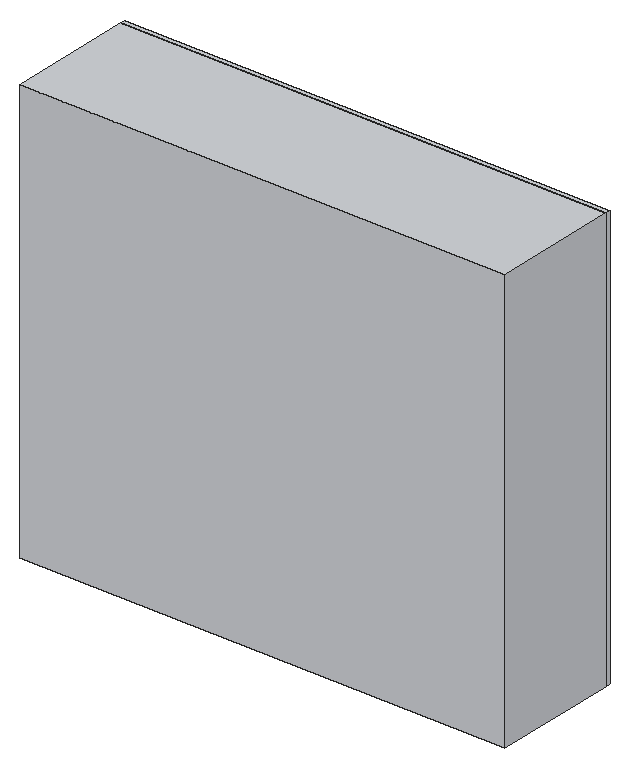
Revit family "064100 - Architectural Wood Casework - Generic - Upper Cabinet", category Casework, Revit 2017
Family settings
  OmniClass Number = 23.40.35.00
  OmniClass Title = Casework
  Work Plane-Based = No
  Always vertical = Yes
  Cut with Voids When Loaded = No
  Shared = No
  Room Calculation Point = No
Parameters
  OD_CW_Width [instance] = 2' - 2"
  OD_CW_Off Floor [instance] = 3' - 2"
  OD_CW_Material_Front Panel [instance] = none
  OD_CW_Length [instance] = 8' - 0"
  OD_CW_Height [instance] = 7' - 0"
  Depth = 2' - 0"
  Height = 3' - 0"
  Width = 4' - 0"
Reference planes (in)
  plane 1 "Center (Left/Right)": x = 0.7377
  plane 2 "Left": x = -23.2623
  plane 3 "Right": x = 24.7377
  plane 4 "Front": y = -24
  plane 5 "Top": z = 122
  plane 6: x = 96.7377
  plane 7: y = 2
  plane 8: z = 38
  plane 9: y = 1
Forms (in)
  Extrusion 1, solid
    sketch origin (24.7377, 0, 0) x (0, -1, 0) y (0, 0, 1)
      loop
        line (24, 122) -> (-1, 122) -> (-1, 38) -> (24, 38) -> (24, 122)
    from -72 to 24
  Extrusion 2, solid, material <- "OD_CW_Material_Front Panel"
    sketch origin (24.7377, 32, 0) x (0, -1, 0) y (0, 0, 1)
      loop
        line (31, 122) -> (30, 122) -> (30, 38) -> (31, 38) -> (31, 122)
    from -72 to 24
Lines and regions (in)
  symbolic lines, style "InvisibleLines"
    curve 1: line (0.7377, 2, 0) -> (0.7377, -28, 0)
  symbolic lines, style "CaseworkHiddenLines"
    curve 2: line (0.7377, 2, 0) -> (96.7377, 2, 0)
    curve 3: line (0.7377, -24, 0) -> (0.7377, 2, 0)
    curve 4: line (96.7377, -24, 0) -> (0.7377, -24, 0)
    curve 5: line (96.7377, 2, 0) -> (96.7377, -24, 0)
Dimensions and locks (in)
  equal spacing: plane 2 "Left", plane 1 "Center (Left/Right)", plane 3 "Right"
  "OD_CW_Width": plane 4 "Front" to plane 7
  "OD_CW_Length": plane 1 "Center (Left/Right)" to plane 6
  "OD_CW_Height": plane 5 "Top" to plane 8
  "OD_CW_Off Floor": plane 8 to level
  locked: curve 1 to Extrusion 1 at 4
  locked: plane 7 to plane 9 at 1
  aligned and locked: plane 5 "Top" to Extrusion 1 sketch curve
  aligned and locked: Extrusion 1 sketch curve to plane 4 "Front"
  aligned and locked: Extrusion 1 to plane 1 "Center (Left/Right)"
  aligned and locked: plane 6 to Extrusion 1
  aligned and locked: plane 8 to Extrusion 1 sketch curve
  aligned and locked: curve 2 to plane 7
  aligned and locked: plane 1 "Center (Left/Right)" to curve 3
  aligned and locked: curve 4 to plane 4 "Front"
  aligned and locked: curve 5 to plane 6
  aligned and locked: plane 9 to Extrusion 1 sketch curve
  aligned and locked: plane 7 to Extrusion 2
  aligned and locked: Extrusion 2 to plane 5 "Top"
  aligned and locked: Extrusion 2 to plane 8
  aligned and locked: Extrusion 2 to plane 1 "Center (Left/Right)"
  aligned and locked: plane 6 to Extrusion 2
Automatic sketch dimensions
  plane 5 "Top" to Extrusion 2 sketch curve = 0' - 0"
  plane 8 to Extrusion 2 sketch curve = 0' - 0"
  Extrusion 2 sketch curve to plane 9 = 0' - 0"
  plane 7 to Extrusion 2 sketch curve = 0' - 0"
